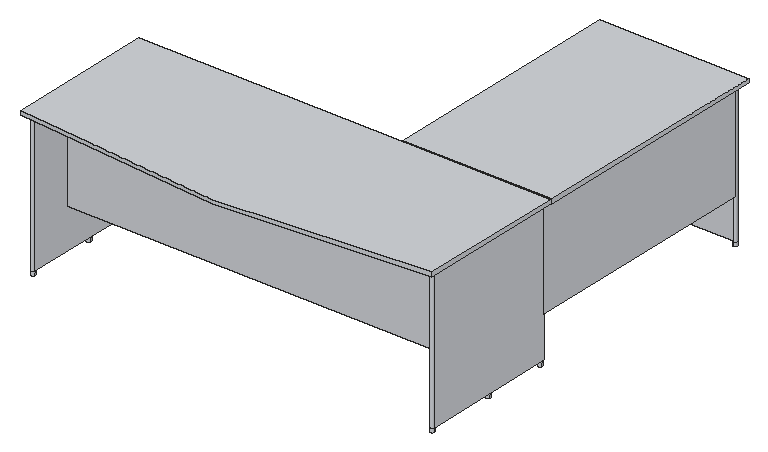
Revit family
Parameters (values of type "2000 x 2000")
  Model = ""
  Manufacturer = "Revit"
  Material Frame = none
  Material Desk = none
  Keynote = "N"
  Description = "Desk"
  Assembly Code = "E2020200"
Reference planes
  plane 1 "Center (Front/Back)": y = 0
  plane 2: z = 0
  plane 3 "Center (Left/Right)": x = 0
  plane 4 "Top": z = 720
  plane 5: z = 700
  plane 6 "base": z = 20
  plane 7 "base1": z = 220
Forms (mm)
  Extrusion 1, solid, material <- "Material Desk"
    sketch origin (0, 0, 0) x (1, 0, 0) y (0, 1, 0)
      loop
        line (720, 1200) -> (0, 1200) -> (0, 5) -> (720, 5) -> (720, 1200)
      loop
        line (-1280, 0) -> (-1280, -720)
        arc (-1280, -720) -> (-280, -800) -> (720, -720) r 6290
        line (720, -720) -> (720, 0) -> (-1280, 0)
    from 700 to 720
  Extrusion 2, solid, material <- "Material Desk"
    sketch origin (0, 0, 20) x (0, -1, 0) y (1, 0, 0)
      loop
        line (15, -1260) -> (680, -1260)
        arc (680, -1260) -> (690, -1250) -> (680, -1240) r 10
        line (680, -1240) -> (15, -1240) -> (15, -1260)
      loop
        line (-1153.822, 21.11) -> (-1153.822, 686.11)
        arc (-1153.822, 686.11) -> (-1163.822, 696.11) -> (-1173.822, 686.11) r 10
        line (-1173.822, 686.11) -> (-1173.822, 21.11) -> (-1153.822, 21.11)
      loop
        line (15, 700) -> (15, 680) -> (680, 680)
        arc (680, 680) -> (690, 690) -> (680, 700) r 10
        line (680, 700) -> (15, 700)
    from 0 to 680
  Extrusion 3, solid, material <- "Material Desk"
    sketch origin (0, 0, 220) x (1, 0, 0) y (0, 1, 0)
      loop
        line (680, -15) -> (700, -15) -> (700, 1145) -> (680, 1145) -> (680, -15)
      loop
        line (-1240, -470) -> (-1240, -490) -> (680, -490) -> (680, -470) -> (-1240, -470)
    from 0 to 480
  Extrusion 4, solid, material <- "Material Frame"
    sketch origin (0, 0, 220) x (1, 0, 0) y (0, 1, 0)
      loop
        circle (-1250, -26.581) r 10
      loop
        circle (-1250, -679.344) r 10
      loop
        circle (-1250, -341.581) r 10
      loop
        circle (690, -26.581) r 10
      loop
        circle (690, -679.344) r 10
      loop
        circle (690, -341.581) r 10
      loop
        circle (33.347, 1163.822) r 10
      loop
        circle (686.11, 1163.822) r 10
      loop
        circle (348.347, 1163.822) r 10
    from -220 to -200
Lines and regions (mm)
  Masking region 1
    outline origin (0, 0, 0) x (1, 0, 0) y (0, 1, 0)
      loop
        arc (-1280, -720) -> (-280, -800) -> (720, -720) r 6290
        line (720, -720) -> (720, 1200) -> (0, 1200) -> (0, 0) -> (-1280, 0) -> (-1280, -720)
  symbolic lines
    curve 1: line (720, 1200, 0) -> (0, 1200, 0)
    curve 2: line (0, 1200, 0) -> (0, 0, 0)
    curve 3: line (0, 0, 0) -> (720, 0, 0)
    curve 4: line (720, 0, 0) -> (720, 1200, 0)
    curve 5: line (720, 0, 0) -> (-1280, 0, 0)
    curve 6: line (-1280, 0, 0) -> (-1280, -720, 0)
    curve 7: arc (-1280, -720, 0) -> (-280, -800, 0) -> (720, -720, 0) r 6290
    curve 8: line (720, -720, 0) -> (720, 0, 0)
Dimensions and locks
  locked: plane 4 "Top" to plane 5 at 20
  locked: Extrusion 2 sketch curve to Extrusion 2 sketch curve at 20  (x3)
  aligned and locked: Extrusion 1 to plane 4 "Top"
  aligned and locked: plane 5 to Extrusion 1
  aligned and locked: Extrusion 2 to Extrusion 1
  aligned and locked: Extrusion 3 to Extrusion 1
  aligned and locked: Extrusion 4 to plane 6 "base"
